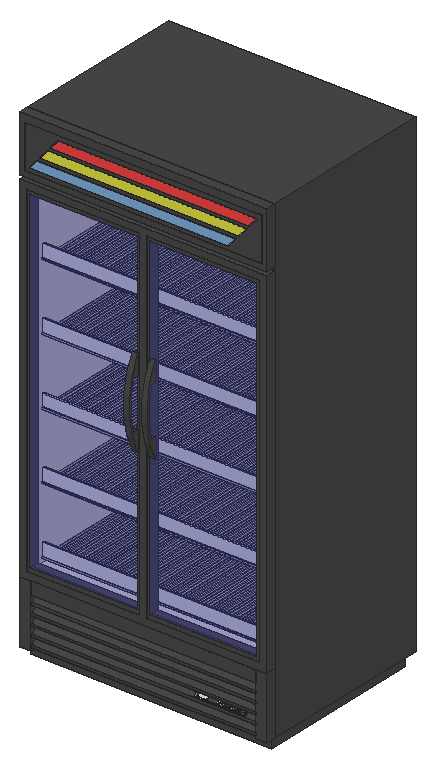
Revit family "QF_TRUE_GDM-35-HC~TSL01", category Specialty Equipment, Revit 2016
Family settings
  Part Type = Normal
  Round Connector Dimension = Use Diameter
  Work Plane-Based = No
  Always vertical = Yes
  Cut with Voids When Loaded = No
  Shared = No
  Room Calculation Point = No
Parameters
  Weight in Pounds = 370
  Watts = if(Phase = 3, Volts * FL Amps * 1.73, Volts * FL Amps)  # 747.5 W
  Volts = 115 V
  URL Cutsheet = ""
  Specification by User = ""
  Specification by Manufacturer = ""
  Show Logo [instance] = yes
  Show Default Legs [instance] = if(or(Show 6 Inches Standard Legs, Show 2.5 Inches Castors), or(Show 4 Inches Castors, and(Show 6 Inches Standard Legs, Show 2.5 Inches Castors), and(Show 2.5 Inches Castors, Show 6 Inches Seismic Flanged Legs)), if(Show 4 Inches Castors, Show 6 Inches Seismic Flanged Legs, not(Show 6 Inches Seismic Flanged Legs)))  # yes
  Show Clearance [instance] = yes
  Show 6 Inches Standard Legs [instance] = no
  Show 6 Inches Seismic Flanged Legs [instance] = no
  Show 4 Inches Castors [instance] = no
  Show 2.5 Inches Castors [instance] = no
  Serial Number = ""
  Seismic Rating = ""
  SMACNA No = ""
  Revision Code = ""
  Phase = 1
  Number of Poles = 1
  NAFEM Spec ID Number = ""
  Model = "GDM-35-HC~TSL01"
  Min Ckt Ampacity = 0 A
  Max Overcurrent Protection = 0 A
  Materials and Finishes = QF_Plastic - Black - Smooth
  Masterspec = ""
  Manufacturer = "TRUE"
  Length = 39 1/2"
  Keynote = ""
  Item Number = ""
  Installed By = ""
  Identify Quantity as Lot = yes
  Height [instance] = Body Height + Base Height  # 78 5/8"
  HP = "1/2"
  Furnished By = ""
  Foodservice Equipment Identifier = yes
  FL Amps = 6.5 A
  Electrical Remarks = ""
  Electric Connection Type = ""
  Elec Conn RI Height = 0"
  Elec Conn Connection Height = 0"
  Description = "SWING DOOR REFRIGERATOR WITH HYDROCARBON REFRIGERANT~TRUE STANDARD LOOK VERSION 01"
  Depth = 29 7/8"
  Cycle = 60 Hz
  Conn Plug = "NEMA 5-15P"
  Conn Conduit = yes
  CSI MasterFormat = ""
  Body Height [instance] = 78 5/16"  # constant formula
  Base Height [instance] = if(Show Default Legs, 5/16", if(Show 2.5 Inches Castors, 2 1/2", if(Show 6 Inches Standard Legs, 6", if(Show 4 Inches Castors, 4", if(Show 6 Inches Seismic Flanged Legs, 6", 5" / 16)))))  # 5/16"
  Apparent Power = if(Phase = 3, Volts * FL Amps * 1.73, Volts * FL Amps)  # 747.5 VA
  6 Inches Standard Legs [instance] = and(Show 6 Inches Standard Legs, not(Show Default Legs))  # no
  6 Inches Seismic Flanged Legs [instance] = and(Show 6 Inches Seismic Flanged Legs, not(Show Default Legs))  # no
  4 Inches Castors [instance] = and(Show 4 Inches Castors, not(Show Default Legs))  # no
  2.5 Inches Casters [instance] = and(Show 2.5 Inches Castors, not(Show Default Legs))  # no
Reference planes (in)
  plane 1 "BACK": y = 0
  plane 2: z = 0
  plane 3 "LEFT": x = 0
  plane 4 "RIGHT": x = 39.5
  plane 5 "FRONT": y = -29.875
  plane 6 "TOP": z = 0.3125
  plane 7 "Center Y": x = 19.75
  plane 8 "Center X": y = -14.9375
  plane 9: z = 78.625
Dimensions and locks (in)
  equal spacing: plane 3 "LEFT", plane 7 "Center Y", plane 4 "RIGHT"
  "Length": plane 3 "LEFT" to plane 4 "RIGHT"
  equal spacing: plane 5 "FRONT", plane 8 "Center X", plane 1 "BACK"
  "Depth": plane 5 "FRONT" to plane 1 "BACK"
  "Base Height": plane 6 "TOP" to level
  "Body Height": plane 9 to plane 6 "TOP"
  aligned and locked: plane 2 to level
  aligned and locked: plane 6 "TOP" to nested 1
Nested families (in)
  nested 1: "GDM-35-HC~TSL01" at (0, 0, 0), Show Clearance <- "Show Clearance", Materials and Finishes <- "Materials and Finishes", Show Logo <- "Show Logo", Show Default Legs <- "Show Default Legs", type "GDM-35-HC~TSL01"
    with Show Logo yes, Show Default Legs yes, Show Clearance yes, Materials and Finishes QF_Plastic - Black - Smooth
  nested 2: "CASTER-LEGS" at (2.33488, -3.3125, 0), Show Siesmic Flanged <- "Show 6 Inches Seismic Flanged Legs", Show 6 Inches Legs <- "Show 6 Inches Standard Legs", Show 4" Casters <- "Show 4 Inches Castors", Show 2.5 Casters <- "Show 2.5 Inches Castors", type "CASTER-LEGS"
    with Type Mark "", Status "", Specification by User "", Show Siesmic Flanged no, Show 6 Inches Legs no, Show 4" Casters no, Show 2.5 Casters no, Revision Code "", Low Profile yes, Item Number "", Installed By "", Identify Quantity as Lot yes, Furnished By "", Foodservice Equipment Identifier yes
  nested 3: "CASTER-LEGS" at (37.18162, -3.3125, 0), Show Siesmic Flanged <- "Show 6 Inches Seismic Flanged Legs", Show 6 Inches Legs <- "Show 6 Inches Standard Legs", Show 4" Casters <- "Show 4 Inches Castors", Show 2.5 Casters <- "Show 2.5 Inches Castors", type "CASTER-LEGS"
    with Type Mark "", Status "", Specification by User "", Show Siesmic Flanged no, Show 6 Inches Legs no, Show 4" Casters no, Show 2.5 Casters no, Revision Code "", Low Profile yes, Item Number "", Installed By "", Identify Quantity as Lot yes, Furnished By "", Foodservice Equipment Identifier yes
  nested 4: "CASTER-LEGS" at (2.33488, -26.375, 0), Show Siesmic Flanged <- "Show 6 Inches Seismic Flanged Legs", Show 6 Inches Legs <- "Show 6 Inches Standard Legs", Show 4" Casters <- "Show 4 Inches Castors", Show 2.5 Casters <- "Show 2.5 Inches Castors", type "CASTER-LEGS"
    with Type Mark "", Status "", Specification by User "", Show Siesmic Flanged no, Show 6 Inches Legs no, Show 4" Casters no, Show 2.5 Casters no, Revision Code "", Low Profile yes, Item Number "", Installed By "", Identify Quantity as Lot yes, Furnished By "", Foodservice Equipment Identifier yes
  nested 5: "CASTER-LEGS" at (37.18162, -26.375, 0), Show Siesmic Flanged <- "Show 6 Inches Seismic Flanged Legs", Show 6 Inches Legs <- "Show 6 Inches Standard Legs", Show 4" Casters <- "Show 4 Inches Castors", Show 2.5 Casters <- "Show 2.5 Inches Castors", type "CASTER-LEGS"
    with Type Mark "", Status "", Specification by User "", Show Siesmic Flanged no, Show 6 Inches Legs no, Show 4" Casters no, Show 2.5 Casters no, Revision Code "", Low Profile yes, Item Number "", Installed By "", Identify Quantity as Lot yes, Furnished By "", Foodservice Equipment Identifier yes
Connectors (in)
  electrical at (19.75, 0.32603, 5.97202), driven by "Volts", driven by "Watts"
    settings: on nested 1, index 1, voltage 115 V, apparent load 747.5 VA, apparent load phase1 0 VA, apparent load phase2 0 VA, apparent load phase3 0 VA, power factor 1, load classification "Other", number of poles 1, system type 30, power factor state 1, is connector primary yes, connector utility no, sub classification motor no, connector description "ELECTRICAL CONNECTION"
Definition of nested family "GDM-35-HC~TSL01"
  Parameters (values of type "GDM-35-HC~TSL01")
    Weight in Pounds = 0
    Watts = if(Phase = 3, Volts * FL Amps * 1.73, Volts * FL Amps)  # 230 W
    Volts = 115 V
    URL Cutsheet = ""
    Specification by User = ""
    Specification by Manufacturer = ""
    Show Logo [instance] = yes
    Show Default Legs [instance] = yes
    Show Clearance [instance] = yes
    Serial Number = ""
    Seismic Rating = ""
    SMACNA No = ""
    Revision Code = ""
    Phase = 1
    Number of Poles = 1
    NAFEM Spec ID Number = ""
    Model = ""
    Min Ckt Ampacity = 0 A
    Max Overcurrent Protection = 0 A
    Materials and Finishes [instance] = none
    Masterspec = ""
    Manufacturer = ""
    Length = 39 1/2"
    Item Number = ""
    Installed By = ""
    Identify Quantity as Lot = yes
    Height = 78 5/8"
    HP = "1/4"
    Furnished By = ""
    Foodservice Equipment Identifier = yes
    FL Amps = 2 A
    Electrical Remarks = ""
    Electric Connection Type = ""
    Elec Conn RI Height = 0"
    Elec Conn Connection Height = 0"
    Description = ""
    Depth = 29 7/8"
    Cycle = 60 Hz
    Conn Plug = "5-15P"
    Conn Conduit = yes
    CSI MasterFormat = ""
    Apparent Power = if(Phase = 3, Volts * FL Amps * 1.73, Volts * FL Amps)  # 230 VA
  Reference planes (in)
    plane 1 "BACK": y = 0
    plane 2: z = 0
    plane 3 "LEFT": x = 0
    plane 4 "RIGHT": x = 39.5
    plane 5 "FRONT": y = -29.875
    plane 6 "TOP": z = 78.625
    plane 7 "Center Y": x = 19.75
    plane 8 "Center X": y = -14.9375
    plane 9: z = 0.3125
    plane 10: y = -31.5
    plane 11: y = -47.5
  Forms (in)
    Extrusion 1, solid, material <- "Materials and Finishes"
      sketch origin (0, 1.625, 0) x (1, 0, 0) y (0, 0, 1)
        loop
          line (0, 78.625) -> (0, 1.91181) -> (39.5, 1.91181) -> (39.5, 78.625) -> (0, 78.625)
        loop
          line (1.08719, 69.5094) -> (1.08719, 12.99299) -> (38.41281, 12.99299) -> (38.41281, 69.5094) -> (1.08719, 69.5094)
      from 1.625 to 29.875
    Extrusion 2, solid, material <- "Materials and Finishes"
      sketch origin (0, -28.25, 0) x (1, 0, 0) y (0, 0, 1)
        loop
          line (0, 78.625) -> (0, 69.5094) -> (39.5, 69.5094) -> (39.5, 78.625) -> (0, 78.625)
        loop
          line (0.73362, 77.46399) -> (0.73362, 70.46399) -> (38.76638, 70.46399) -> (38.76638, 77.46399) -> (0.73362, 77.46399)
      from 1.625 to 0
    Extrusion 3, solid
      sketch origin (0, -28.25, 0) x (1, 0, 0) y (0, 0, 1)
        loop
          line (4.86851, 75.12294) -> (36.72924, 75.12294) -> (37.98789, 76.62294) -> (6.12716, 76.62294) -> (4.86851, 75.12294)
      from 1.625 to 0
    Extrusion 4, solid, material <- "Materials and Finishes"
      sketch origin (0, -28.25, 0) x (1, 0, 0) y (0, 0, 1)
        loop
          line (0.73362, 77.46399) -> (0.73362, 70.46399) -> (38.76638, 70.46399) -> (38.76638, 77.46399) -> (0.73362, 77.46399)
        loop
          line (4.86851, 75.12294) -> (36.72924, 75.12294) -> (37.98789, 76.62294) -> (6.12716, 76.62294) -> (4.86851, 75.12294)
        loop
          line (3.19031, 73.12294) -> (35.05104, 73.12294) -> (36.30969, 74.62294) -> (4.44896, 74.62294) -> (3.19031, 73.12294)
        loop
          line (1.51211, 71.12294) -> (33.37284, 71.12294) -> (34.63149, 72.62294) -> (2.77076, 72.62294) -> (1.51211, 71.12294)
      from 1.625 to 0
    Extrusion 5, solid
      sketch origin (0, -28.25, 0) x (1, 0, 0) y (0, 0, 1)
        loop
          line (3.19031, 73.12294) -> (35.05104, 73.12294) -> (36.30969, 74.62294) -> (4.44896, 74.62294) -> (3.19031, 73.12294)
      from 1.625 to 0
    Extrusion 6, solid
      sketch origin (0, -28.25, 0) x (1, 0, 0) y (0, 0, 1)
        loop
          line (1.51211, 71.12294) -> (33.37284, 71.12294) -> (34.63149, 72.62294) -> (2.77076, 72.62294) -> (1.51211, 71.12294)
      from 1.625 to 0
    Extrusion 7, solid, material <- "Materials and Finishes"
      sketch origin (0, -28.25, 0) x (1, 0, 0) y (0, 0, 1)
        loop
          line (0, 11.86572) -> (0, 1.91181) -> (1.73646, 1.91181) -> (1.73646, 11.86572) -> (0, 11.86572)
        loop
          line (39.5, 11.86572) -> (37.76354, 11.86572) -> (37.76354, 1.91181) -> (39.5, 1.91181) -> (39.5, 11.86572)
      from 0 to 1.625
    Extrusion 8, solid, material <- "Materials and Finishes"
      sketch origin (0, -28.25, 0) x (1, 0, 0) y (0, 0, 1)
        loop
          line (1.73646, 11.86572) -> (1.73646, 9.96741) -> (37.76354, 9.96741) -> (37.76354, 11.86572) -> (1.73646, 11.86572)
      from 0 to 1.625
    Extrusion 9, solid, material <- "Materials and Finishes"
      sketch origin (0, -28.25, 0) x (1, 0, 0) y (0, 0, 1)
        loop
          line (0, 11.86572) -> (39.5, 11.86572) -> (39.5, 69.0094) -> (0, 69.0094) -> (0, 11.86572)
        loop
          line (38.41281, 12.99299) -> (38.41281, 68.01433) -> (20.29297, 68.01433) -> (20.29297, 12.99299) -> (38.41281, 12.99299)
        loop
          line (1.08719, 12.99299) -> (19.20703, 12.99299) -> (19.20703, 68.01433) -> (1.08719, 68.01433) -> (1.08719, 12.99299)
      from 1.625 to 0
    Extrusion 10, solid, material <- "Materials and Finishes"
      sketch origin (0, -28.25, 0) x (1, 0, 0) y (0, 0, 1)
        loop
          line (19.20703, 12.99299) -> (19.20703, 68.01433) -> (1.08719, 68.01433) -> (1.08719, 12.99299) -> (19.20703, 12.99299)
        loop
          line (1.56873, 67.3112) -> (1.56873, 13.69484) -> (18.72549, 13.69484) -> (18.72549, 67.3112) -> (1.56873, 67.3112)
        loop
          line (20.29297, 12.99299) -> (38.41281, 12.99299) -> (38.41281, 68.01433) -> (20.29297, 68.01433) -> (20.29297, 12.99299)
        loop
          line (37.93127, 67.3112) -> (20.77451, 67.3112) -> (20.77451, 13.69484) -> (37.93127, 13.69484) -> (37.93127, 67.3112)
      from 1.50681 to 0
    Extrusion 11, solid
      sketch origin (0, -29.75681, 0) x (1, 0, 0) y (0, 0, 1)
        loop
          line (1.56873, 67.3112) -> (1.56873, 13.69484) -> (18.72549, 13.69484) -> (18.72549, 67.3112) -> (1.56873, 67.3112)
        loop
          line (37.93127, 13.69484) -> (37.93127, 67.3112) -> (20.77451, 67.3112) -> (20.77451, 13.69484) -> (37.93127, 13.69484)
      from -0.25 to 0
    Extrusion 12, solid, material <- "Materials and Finishes"
      sketch origin (0, 0, 0) x (-1, 0, 0) y (0, 0, 1)
        loop
          line (-38.41281, 12.99299) -> (-1.08719, 12.99299) -> (-1.08719, 69.5094) -> (-38.41281, 69.5094) -> (-38.41281, 12.99299)
      from 0 to -0.25
    Extrusion 13, solid, material <- "Materials and Finishes"
      sketch origin (1.73646, -28.25, 11.86572) x (0, 0, -1) y (0, 1, 0)
        loop
          line (2.03924, 0) -> (3.05961, -1.51276)
          arc (3.05961, -1.51276) -> (3.40667, -1.58022) -> (3.47413, -1.23317) r 0.25
          line (3.47413, -1.23317) -> (2.64235, 0) -> (2.03924, 0)
        loop
          line (3.54027, 0) -> (4.56426, -1.51813)
          arc (4.56426, -1.51813) -> (4.91132, -1.58559) -> (4.97878, -1.23854) r 0.25
          line (4.97878, -1.23854) -> (4.14338, 0) -> (3.54027, 0)
        loop
          line (5.05723, 0) -> (6.07842, -1.51398)
          arc (6.07842, -1.51398) -> (6.42548, -1.58144) -> (6.49294, -1.23438) r 0.25
          line (6.49294, -1.23438) -> (5.66034, 0) -> (5.05723, 0)
        loop
          line (6.57419, 0) -> (7.59202, -1.50899)
          arc (7.59202, -1.50899) -> (7.93908, -1.57645) -> (8.00654, -1.2294) r 0.25
          line (8.00654, -1.2294) -> (7.1773, 0) -> (6.57419, 0)
        loop
          line (8.09115, 0) -> (9.11201, -1.51349)
          arc (9.11201, -1.51349) -> (9.45907, -1.58095) -> (9.52653, -1.23389) r 0.25
          line (9.52653, -1.23389) -> (8.69426, 0) -> (8.09115, 0)
      from 0 to 36.02708
    Extrusion 14, solid, material <- "Materials and Finishes"
      sketch origin (0, 1.625, 0) x (1, 0, 0) y (0, 0, 1)
        loop
          line (0.39673, 0.3125) -> (39.10327, 0.3125) -> (39.10327, 1.91181) -> (0.39673, 1.91181) -> (0.39673, 0.3125)
      from 3.25 to 29.875
    Revolve 15, solid, visible <- "Show Default Legs"
      sketch origin (0, -26.375, 0) x (1, 0, 0) y (0, 0, 1)
        loop
          line (1.38444, 0) -> (2.32663, 0) -> (2.32663, 0.3125) -> (1.38444, 0.3125) -> (1.38444, 0)
        axis (2.32663, 0) -> (2.32663, 0.3125)
      angle from 0 to 360
    Revolve 16, solid, visible <- "Show Default Legs"
      sketch origin (0, -3.3125, 0) x (1, 0, 0) y (0, 0, -1)
        loop
          line (1.38444, 0) -> (1.38444, -0.3125) -> (2.32663, -0.3125) -> (2.32663, 0) -> (1.38444, 0)
        axis (2.32663, 0) -> (2.32663, -0.3125)
      angle from 0 to 360
    Extrusion 17, solid, material <- "Materials and Finishes"
      sketch origin (-3.33055, -9.07209, 2.26089) x (0, 1, 0) y (0, 0, 1)
        loop
          arc (-20.70916, 48.37123) -> (-22.42791, 41.18624) -> (-20.70916, 34.00125) r 15.87728
          line (-20.70916, 34.00125) -> (-20.70916, 37.28351) -> (-21.42204, 37.28351)
          arc (-21.42204, 37.28351) -> (-21.59429, 37.34185) -> (-21.69564, 37.49287) r 0.28347
          arc (-21.69564, 37.49287) -> (-22.19319, 41.21217) -> (-21.70658, 44.93293) r 14.30744
          arc (-21.70658, 44.93293) -> (-21.63141, 45.04547) -> (-21.50325, 45.08898) r 0.21048
          line (-21.50325, 45.08898) -> (-20.70916, 45.08898) -> (-20.70916, 48.37123)
      from 21.28857 to 22.16773
    Extrusion 18, solid, material <- "Materials and Finishes"
      sketch origin (42.95555, -9.07209, 2.26089) x (0, 1, 0) y (0, 0, -1)
        loop
          line (-20.70916, -48.37123) -> (-20.70916, -45.08898) -> (-21.50325, -45.08898)
          arc (-21.50325, -45.08898) -> (-21.63141, -45.04547) -> (-21.70658, -44.93293) r 0.21048
          arc (-21.70658, -44.93293) -> (-22.19319, -41.21217) -> (-21.69564, -37.49287) r 14.30744
          arc (-21.69564, -37.49287) -> (-21.59429, -37.34185) -> (-21.42204, -37.28351) r 0.28347
          line (-21.42204, -37.28351) -> (-20.70916, -37.28351) -> (-20.70916, -34.00125)
          arc (-20.70916, -34.00125) -> (-22.42791, -41.18624) -> (-20.70916, -48.37123) r 15.87728
      from 21.28857 to 22.16773
    Extrusion 19, solid, material <- "Materials and Finishes"
      sketch origin (0, 0, 0) x (-1, 0, 0) y (0, 0, 1)
        loop
          circle (-19.75, 5.97202) r 0.5
      from 0 to 0.32603
    Revolve 20, solid, visible <- "Show Default Legs"
      sketch origin (39.62762, -26.375, 0) x (-1, 0, 0) y (0, 0, 1)
        loop
          line (1.38444, 0) -> (2.32663, 0) -> (2.32663, 0.3125) -> (1.38444, 0.3125) -> (1.38444, 0)
        axis (2.32663, 0) -> (2.32663, 0.3125)
      angle from 0 to 360
    Revolve 21, solid, visible <- "Show Default Legs"
      sketch origin (39.62762, -3.3125, 0) x (-1, 0, 0) y (0, 0, 1)
        loop
          line (1.38444, 0) -> (2.32663, 0) -> (2.32663, 0.3125) -> (1.38444, 0.3125) -> (1.38444, 0)
        axis (2.32663, 0) -> (2.32663, 0.3125)
      angle from 0 to 360
    Extrusion 22, solid, visible <- "Show Clearance", detail levels coarse
      sketch origin (0, 0, 0) x (1, 0, 0) y (0, 1, 0)
        loop
          line (0, -29.875) -> (0, -47.5)
          arc (0, -47.5) -> (13.25523, -42.667) -> (19.20703, -29.875) r 18.42778
          line (19.20703, -29.875) -> (0, -29.875)
        loop
          line (39.5, -29.875) -> (20.29297, -29.875)
          arc (20.29297, -29.875) -> (26.24477, -42.667) -> (39.5, -47.5) r 18.42778
          line (39.5, -47.5) -> (39.5, -29.875)
      from 11.86572 to 69.0094
    Extrusion 23, solid
      sketch origin (-7.62016, -176.1875, 13.75) x (-1, 0, 0) y (0, -1, 0)
        loop
          line (-8.70735, -149.1875) -> (-46.03297, -149.1875) -> (-46.03297, -173.375) -> (-8.70735, -173.375) -> (-8.70735, -149.1875)
        loop
          line (-8.95735, -149.4375) -> (-45.78297, -149.4375) -> (-45.78297, -173.125) -> (-8.95735, -173.125) -> (-8.95735, -149.4375)
      from 0 to 0.25
    Extrusion 24, solid
      sketch origin (-0.69406, -7.25, -9.1153) x (0, 1, 0) y (0, 0, 1)
        loop
          line (-19.60938, 23.1153) -> (-19.35938, 23.1153) -> (-19.35938, 25.1153) -> (-19.60938, 25.1153) -> (-19.60938, 23.1153)
      from 1.78125 to 39.10687
    Extrusion 25, solid
      sketch origin (-0.66281, -4.875, -12.73438) x (1, 0, 0) y (0, 0, 1)
        loop
          circle (10.1875, 26.73438) r 0.125
        loop
          circle (9.6875, 26.73438) r 0.125
        loop
          circle (9.1875, 26.73438) r 0.125
        loop
          circle (8.6875, 26.73438) r 0.125
        loop
          circle (8.1875, 26.73438) r 0.125
        loop
          circle (7.6875, 26.73438) r 0.125
        loop
          circle (7.1875, 26.73438) r 0.125
        loop
          circle (6.6875, 26.73438) r 0.125
        loop
          circle (6.1875, 26.73438) r 0.125
        loop
          circle (5.6875, 26.73438) r 0.125
        loop
          circle (5.1875, 26.73438) r 0.125
        loop
          circle (4.6875, 26.73438) r 0.125
        loop
          circle (4.1875, 26.73438) r 0.125
        loop
          circle (3.6875, 26.73438) r 0.125
        loop
          circle (3.1875, 26.73438) r 0.125
        loop
          circle (2.6875, 26.73438) r 0.125
        loop
          circle (10.6875, 26.73438) r 0.125
        loop
          circle (11.1875, 26.73438) r 0.125
        loop
          circle (11.6875, 26.73438) r 0.125
        loop
          circle (12.1875, 26.73438) r 0.125
        loop
          circle (12.6875, 26.73438) r 0.125
        loop
          circle (13.1875, 26.73438) r 0.125
        loop
          circle (13.6875, 26.73438) r 0.125
        loop
          circle (14.1875, 26.73438) r 0.125
        loop
          circle (14.6875, 26.73438) r 0.125
        loop
          circle (15.1875, 26.73438) r 0.125
        loop
          circle (15.6875, 26.73438) r 0.125
        loop
          circle (16.1875, 26.73438) r 0.125
        loop
          circle (16.6875, 26.73438) r 0.125
        loop
          circle (17.1875, 26.73438) r 0.125
        loop
          circle (17.6875, 26.73438) r 0.125
        loop
          circle (18.1875, 26.73438) r 0.125
        loop
          circle (26.1875, 26.73438) r 0.125
        loop
          circle (25.6875, 26.73438) r 0.125
        loop
          circle (25.1875, 26.73438) r 0.125
        loop
          circle (24.6875, 26.73438) r 0.125
        loop
          circle (24.1875, 26.73438) r 0.125
        loop
          circle (23.6875, 26.73438) r 0.125
        loop
          circle (23.1875, 26.73438) r 0.125
        loop
          circle (22.6875, 26.73438) r 0.125
        loop
          circle (22.1875, 26.73438) r 0.125
        loop
          circle (21.6875, 26.73438) r 0.125
        loop
          circle (21.1875, 26.73438) r 0.125
        loop
          circle (20.6875, 26.73438) r 0.125
        loop
          circle (20.1875, 26.73438) r 0.125
        loop
          circle (19.6875, 26.73438) r 0.125
        loop
          circle (19.1875, 26.73438) r 0.125
        loop
          circle (18.6875, 26.73438) r 0.125
        loop
          circle (26.6875, 26.73438) r 0.125
        loop
          circle (27.1875, 26.73438) r 0.125
        loop
          circle (27.6875, 26.73438) r 0.125
        loop
          circle (28.1875, 26.73438) r 0.125
        loop
          circle (28.6875, 26.73438) r 0.125
        loop
          circle (29.1875, 26.73438) r 0.125
        loop
          circle (29.6875, 26.73438) r 0.125
        loop
          circle (30.1875, 26.73438) r 0.125
        loop
          circle (30.6875, 26.73438) r 0.125
        loop
          circle (31.1875, 26.73438) r 0.125
        loop
          circle (31.6875, 26.73438) r 0.125
        loop
          circle (32.1875, 26.73438) r 0.125
        loop
          circle (32.6875, 26.73438) r 0.125
        loop
          circle (33.1875, 26.73438) r 0.125
        loop
          circle (33.6875, 26.73438) r 0.125
        loop
          circle (34.1875, 26.73438) r 0.125
        loop
          circle (38.1875, 26.73438) r 0.125
        loop
          circle (37.6875, 26.73438) r 0.125
        loop
          circle (37.1875, 26.73438) r 0.125
        loop
          circle (36.6875, 26.73438) r 0.125
        loop
          circle (36.1875, 26.73438) r 0.125
        loop
          circle (35.6875, 26.73438) r 0.125
        loop
          circle (35.1875, 26.73438) r 0.125
        loop
          circle (34.6875, 26.73438) r 0.125
      from -2.0625 to 21.875
    Extrusion 26, solid
      sketch origin (-7.62016, -176.1875, 24.4625) x (-1, 0, 0) y (0, -1, 0)
        loop
          line (-8.70735, -149.1875) -> (-46.03297, -149.1875) -> (-46.03297, -173.375) -> (-8.70735, -173.375) -> (-8.70735, -149.1875)
        loop
          line (-8.95735, -149.4375) -> (-45.78297, -149.4375) -> (-45.78297, -173.125) -> (-8.95735, -173.125) -> (-8.95735, -149.4375)
      from 0 to 0.25
    Extrusion 27, solid
      sketch origin (-0.69406, -7.25, 1.5972) x (0, 1, 0) y (0, 0, 1)
        loop
          line (-19.60938, 23.1153) -> (-19.35938, 23.1153) -> (-19.35938, 25.1153) -> (-19.60938, 25.1153) -> (-19.60938, 23.1153)
      from 1.78125 to 39.10687
    Extrusion 28, solid
      sketch origin (-0.66281, -4.875, -2.02188) x (1, 0, 0) y (0, 0, 1)
        loop
          circle (10.1875, 26.73438) r 0.125
        loop
          circle (9.6875, 26.73438) r 0.125
        loop
          circle (9.1875, 26.73438) r 0.125
        loop
          circle (8.6875, 26.73438) r 0.125
        loop
          circle (8.1875, 26.73438) r 0.125
        loop
          circle (7.6875, 26.73438) r 0.125
        loop
          circle (7.1875, 26.73438) r 0.125
        loop
          circle (6.6875, 26.73438) r 0.125
        loop
          circle (6.1875, 26.73438) r 0.125
        loop
          circle (5.6875, 26.73438) r 0.125
        loop
          circle (5.1875, 26.73438) r 0.125
        loop
          circle (4.6875, 26.73438) r 0.125
        loop
          circle (4.1875, 26.73438) r 0.125
        loop
          circle (3.6875, 26.73438) r 0.125
        loop
          circle (3.1875, 26.73438) r 0.125
        loop
          circle (2.6875, 26.73438) r 0.125
        loop
          circle (10.6875, 26.73438) r 0.125
        loop
          circle (11.1875, 26.73438) r 0.125
        loop
          circle (11.6875, 26.73438) r 0.125
        loop
          circle (12.1875, 26.73438) r 0.125
        loop
          circle (12.6875, 26.73438) r 0.125
        loop
          circle (13.1875, 26.73438) r 0.125
        loop
          circle (13.6875, 26.73438) r 0.125
        loop
          circle (14.1875, 26.73438) r 0.125
        loop
          circle (14.6875, 26.73438) r 0.125
        loop
          circle (15.1875, 26.73438) r 0.125
        loop
          circle (15.6875, 26.73438) r 0.125
        loop
          circle (16.1875, 26.73438) r 0.125
        loop
          circle (16.6875, 26.73438) r 0.125
        loop
          circle (17.1875, 26.73438) r 0.125
        loop
          circle (17.6875, 26.73438) r 0.125
        loop
          circle (18.1875, 26.73438) r 0.125
        loop
          circle (26.1875, 26.73438) r 0.125
        loop
          circle (25.6875, 26.73438) r 0.125
        loop
          circle (25.1875, 26.73438) r 0.125
        loop
          circle (24.6875, 26.73438) r 0.125
        loop
          circle (24.1875, 26.73438) r 0.125
        loop
          circle (23.6875, 26.73438) r 0.125
        loop
          circle (23.1875, 26.73438) r 0.125
        loop
          circle (22.6875, 26.73438) r 0.125
        loop
          circle (22.1875, 26.73438) r 0.125
        loop
          circle (21.6875, 26.73438) r 0.125
        loop
          circle (21.1875, 26.73438) r 0.125
        loop
          circle (20.6875, 26.73438) r 0.125
        loop
          circle (20.1875, 26.73438) r 0.125
        loop
          circle (19.6875, 26.73438) r 0.125
        loop
          circle (19.1875, 26.73438) r 0.125
        loop
          circle (18.6875, 26.73438) r 0.125
        loop
          circle (26.6875, 26.73438) r 0.125
        loop
          circle (27.1875, 26.73438) r 0.125
        loop
          circle (27.6875, 26.73438) r 0.125
        loop
          circle (28.1875, 26.73438) r 0.125
        loop
          circle (28.6875, 26.73438) r 0.125
        loop
          circle (29.1875, 26.73438) r 0.125
        loop
          circle (29.6875, 26.73438) r 0.125
        loop
          circle (30.1875, 26.73438) r 0.125
        loop
          circle (30.6875, 26.73438) r 0.125
        loop
          circle (31.1875, 26.73438) r 0.125
        loop
          circle (31.6875, 26.73438) r 0.125
        loop
          circle (32.1875, 26.73438) r 0.125
        loop
          circle (32.6875, 26.73438) r 0.125
        loop
          circle (33.1875, 26.73438) r 0.125
        loop
          circle (33.6875, 26.73438) r 0.125
        loop
          circle (34.1875, 26.73438) r 0.125
        loop
          circle (38.1875, 26.73438) r 0.125
        loop
          circle (37.6875, 26.73438) r 0.125
        loop
          circle (37.1875, 26.73438) r 0.125
        loop
          circle (36.6875, 26.73438) r 0.125
        loop
          circle (36.1875, 26.73438) r 0.125
        loop
          circle (35.6875, 26.73438) r 0.125
        loop
          circle (35.1875, 26.73438) r 0.125
        loop
          circle (34.6875, 26.73438) r 0.125
      from -2.0625 to 21.875
    Extrusion 29, solid
      sketch origin (-7.62016, -176.1875, 35.175) x (-1, 0, 0) y (0, -1, 0)
        loop
          line (-8.70735, -149.1875) -> (-46.03297, -149.1875) -> (-46.03297, -173.375) -> (-8.70735, -173.375) -> (-8.70735, -149.1875)
        loop
          line (-8.95735, -149.4375) -> (-45.78297, -149.4375) -> (-45.78297, -173.125) -> (-8.95735, -173.125) -> (-8.95735, -149.4375)
      from 0 to 0.25
    Extrusion 30, solid
      sketch origin (-0.69406, -7.25, 12.3097) x (0, 1, 0) y (0, 0, 1)
        loop
          line (-19.60938, 23.1153) -> (-19.35938, 23.1153) -> (-19.35938, 25.1153) -> (-19.60938, 25.1153) -> (-19.60938, 23.1153)
      from 1.78125 to 39.10687
    Extrusion 31, solid
      sketch origin (-0.66281, -4.875, 8.69062) x (1, 0, 0) y (0, 0, 1)
        loop
          circle (10.1875, 26.73438) r 0.125
        loop
          circle (9.6875, 26.73438) r 0.125
        loop
          circle (9.1875, 26.73438) r 0.125
        loop
          circle (8.6875, 26.73438) r 0.125
        loop
          circle (8.1875, 26.73438) r 0.125
        loop
          circle (7.6875, 26.73438) r 0.125
        loop
          circle (7.1875, 26.73438) r 0.125
        loop
          circle (6.6875, 26.73438) r 0.125
        loop
          circle (6.1875, 26.73438) r 0.125
        loop
          circle (5.6875, 26.73438) r 0.125
        loop
          circle (5.1875, 26.73438) r 0.125
        loop
          circle (4.6875, 26.73438) r 0.125
        loop
          circle (4.1875, 26.73438) r 0.125
        loop
          circle (3.6875, 26.73438) r 0.125
        loop
          circle (3.1875, 26.73438) r 0.125
        loop
          circle (2.6875, 26.73438) r 0.125
        loop
          circle (10.6875, 26.73438) r 0.125
        loop
          circle (11.1875, 26.73438) r 0.125
        loop
          circle (11.6875, 26.73438) r 0.125
        loop
          circle (12.1875, 26.73438) r 0.125
        loop
          circle (12.6875, 26.73438) r 0.125
        loop
          circle (13.1875, 26.73438) r 0.125
        loop
          circle (13.6875, 26.73438) r 0.125
        loop
          circle (14.1875, 26.73438) r 0.125
        loop
          circle (14.6875, 26.73438) r 0.125
        loop
          circle (15.1875, 26.73438) r 0.125
        loop
          circle (15.6875, 26.73438) r 0.125
        loop
          circle (16.1875, 26.73438) r 0.125
        loop
          circle (16.6875, 26.73438) r 0.125
        loop
          circle (17.1875, 26.73438) r 0.125
        loop
          circle (17.6875, 26.73438) r 0.125
        loop
          circle (18.1875, 26.73438) r 0.125
        loop
          circle (26.1875, 26.73438) r 0.125
        loop
          circle (25.6875, 26.73438) r 0.125
        loop
          circle (25.1875, 26.73438) r 0.125
        loop
          circle (24.6875, 26.73438) r 0.125
        loop
          circle (24.1875, 26.73438) r 0.125
        loop
          circle (23.6875, 26.73438) r 0.125
        loop
          circle (23.1875, 26.73438) r 0.125
        loop
          circle (22.6875, 26.73438) r 0.125
        loop
          circle (22.1875, 26.73438) r 0.125
        loop
          circle (21.6875, 26.73438) r 0.125
        loop
          circle (21.1875, 26.73438) r 0.125
        loop
          circle (20.6875, 26.73438) r 0.125
        loop
          circle (20.1875, 26.73438) r 0.125
        loop
          circle (19.6875, 26.73438) r 0.125
        loop
          circle (19.1875, 26.73438) r 0.125
        loop
          circle (18.6875, 26.73438) r 0.125
        loop
          circle (26.6875, 26.73438) r 0.125
        loop
          circle (27.1875, 26.73438) r 0.125
        loop
          circle (27.6875, 26.73438) r 0.125
        loop
          circle (28.1875, 26.73438) r 0.125
        loop
          circle (28.6875, 26.73438) r 0.125
        loop
          circle (29.1875, 26.73438) r 0.125
        loop
          circle (29.6875, 26.73438) r 0.125
        loop
          circle (30.1875, 26.73438) r 0.125
        loop
          circle (30.6875, 26.73438) r 0.125
        loop
          circle (31.1875, 26.73438) r 0.125
        loop
          circle (31.6875, 26.73438) r 0.125
        loop
          circle (32.1875, 26.73438) r 0.125
        loop
          circle (32.6875, 26.73438) r 0.125
        loop
          circle (33.1875, 26.73438) r 0.125
        loop
          circle (33.6875, 26.73438) r 0.125
        loop
          circle (34.1875, 26.73438) r 0.125
        loop
          circle (38.1875, 26.73438) r 0.125
        loop
          circle (37.6875, 26.73438) r 0.125
        loop
          circle (37.1875, 26.73438) r 0.125
        loop
          circle (36.6875, 26.73438) r 0.125
        loop
          circle (36.1875, 26.73438) r 0.125
        loop
          circle (35.6875, 26.73438) r 0.125
        loop
          circle (35.1875, 26.73438) r 0.125
        loop
          circle (34.6875, 26.73438) r 0.125
      from -2.0625 to 21.875
    Extrusion 32, solid
      sketch origin (-7.62016, -176.1875, 45.8875) x (-1, 0, 0) y (0, -1, 0)
        loop
          line (-8.70735, -149.1875) -> (-46.03297, -149.1875) -> (-46.03297, -173.375) -> (-8.70735, -173.375) -> (-8.70735, -149.1875)
        loop
          line (-8.95735, -149.4375) -> (-45.78297, -149.4375) -> (-45.78297, -173.125) -> (-8.95735, -173.125) -> (-8.95735, -149.4375)
      from 0 to 0.25
    Extrusion 33, solid
      sketch origin (-0.69406, -7.25, 23.0222) x (0, 1, 0) y (0, 0, 1)
        loop
          line (-19.60938, 23.1153) -> (-19.35938, 23.1153) -> (-19.35938, 25.1153) -> (-19.60938, 25.1153) -> (-19.60938, 23.1153)
      from 1.78125 to 39.10687
    Extrusion 34, solid
      sketch origin (-0.66281, -4.875, 19.40312) x (1, 0, 0) y (0, 0, 1)
        loop
          circle (10.1875, 26.73438) r 0.125
        loop
          circle (9.6875, 26.73438) r 0.125
        loop
          circle (9.1875, 26.73438) r 0.125
        loop
          circle (8.6875, 26.73438) r 0.125
        loop
          circle (8.1875, 26.73438) r 0.125
        loop
          circle (7.6875, 26.73438) r 0.125
        loop
          circle (7.1875, 26.73438) r 0.125
        loop
          circle (6.6875, 26.73438) r 0.125
        loop
          circle (6.1875, 26.73438) r 0.125
        loop
          circle (5.6875, 26.73438) r 0.125
        loop
          circle (5.1875, 26.73438) r 0.125
        loop
          circle (4.6875, 26.73438) r 0.125
        loop
          circle (4.1875, 26.73438) r 0.125
        loop
          circle (3.6875, 26.73438) r 0.125
        loop
          circle (3.1875, 26.73438) r 0.125
        loop
          circle (2.6875, 26.73438) r 0.125
        loop
          circle (10.6875, 26.73438) r 0.125
        loop
          circle (11.1875, 26.73438) r 0.125
        loop
          circle (11.6875, 26.73438) r 0.125
        loop
          circle (12.1875, 26.73438) r 0.125
        loop
          circle (12.6875, 26.73438) r 0.125
        loop
          circle (13.1875, 26.73438) r 0.125
        loop
          circle (13.6875, 26.73438) r 0.125
        loop
          circle (14.1875, 26.73438) r 0.125
        loop
          circle (14.6875, 26.73438) r 0.125
        loop
          circle (15.1875, 26.73438) r 0.125
        loop
          circle (15.6875, 26.73438) r 0.125
        loop
          circle (16.1875, 26.73438) r 0.125
        loop
          circle (16.6875, 26.73438) r 0.125
        loop
          circle (17.1875, 26.73438) r 0.125
        loop
          circle (17.6875, 26.73438) r 0.125
        loop
          circle (18.1875, 26.73438) r 0.125
        loop
          circle (26.1875, 26.73438) r 0.125
        loop
          circle (25.6875, 26.73438) r 0.125
        loop
          circle (25.1875, 26.73438) r 0.125
        loop
          circle (24.6875, 26.73438) r 0.125
        loop
          circle (24.1875, 26.73438) r 0.125
        loop
          circle (23.6875, 26.73438) r 0.125
        loop
          circle (23.1875, 26.73438) r 0.125
        loop
          circle (22.6875, 26.73438) r 0.125
        loop
          circle (22.1875, 26.73438) r 0.125
        loop
          circle (21.6875, 26.73438) r 0.125
        loop
          circle (21.1875, 26.73438) r 0.125
        loop
          circle (20.6875, 26.73438) r 0.125
        loop
          circle (20.1875, 26.73438) r 0.125
        loop
          circle (19.6875, 26.73438) r 0.125
        loop
          circle (19.1875, 26.73438) r 0.125
        loop
          circle (18.6875, 26.73438) r 0.125
        loop
          circle (26.6875, 26.73438) r 0.125
        loop
          circle (27.1875, 26.73438) r 0.125
        loop
          circle (27.6875, 26.73438) r 0.125
        loop
          circle (28.1875, 26.73438) r 0.125
        loop
          circle (28.6875, 26.73438) r 0.125
        loop
          circle (29.1875, 26.73438) r 0.125
        loop
          circle (29.6875, 26.73438) r 0.125
        loop
          circle (30.1875, 26.73438) r 0.125
        loop
          circle (30.6875, 26.73438) r 0.125
        loop
          circle (31.1875, 26.73438) r 0.125
        loop
          circle (31.6875, 26.73438) r 0.125
        loop
          circle (32.1875, 26.73438) r 0.125
        loop
          circle (32.6875, 26.73438) r 0.125
        loop
          circle (33.1875, 26.73438) r 0.125
        loop
          circle (33.6875, 26.73438) r 0.125
        loop
          circle (34.1875, 26.73438) r 0.125
        loop
          circle (38.1875, 26.73438) r 0.125
        loop
          circle (37.6875, 26.73438) r 0.125
        loop
          circle (37.1875, 26.73438) r 0.125
        loop
          circle (36.6875, 26.73438) r 0.125
        loop
          circle (36.1875, 26.73438) r 0.125
        loop
          circle (35.6875, 26.73438) r 0.125
        loop
          circle (35.1875, 26.73438) r 0.125
        loop
          circle (34.6875, 26.73438) r 0.125
      from -2.0625 to 21.875
    Extrusion 35, solid
      sketch origin (-7.62016, -176.1875, 56.6) x (-1, 0, 0) y (0, -1, 0)
        loop
          line (-8.70735, -149.1875) -> (-46.03297, -149.1875) -> (-46.03297, -173.375) -> (-8.70735, -173.375) -> (-8.70735, -149.1875)
        loop
          line (-8.95735, -149.4375) -> (-45.78297, -149.4375) -> (-45.78297, -173.125) -> (-8.95735, -173.125) -> (-8.95735, -149.4375)
      from 0 to 0.25
    Extrusion 36, solid
      sketch origin (-0.69406, -7.25, 33.7347) x (0, 1, 0) y (0, 0, 1)
        loop
          line (-19.60938, 23.1153) -> (-19.35938, 23.1153) -> (-19.35938, 25.1153) -> (-19.60938, 25.1153) -> (-19.60938, 23.1153)
      from 1.78125 to 39.10687
    Extrusion 37, solid
      sketch origin (-0.66281, -4.875, 30.11562) x (1, 0, 0) y (0, 0, 1)
        loop
          circle (10.1875, 26.73438) r 0.125
        loop
          circle (9.6875, 26.73438) r 0.125
        loop
          circle (9.1875, 26.73438) r 0.125
        loop
          circle (8.6875, 26.73438) r 0.125
        loop
          circle (8.1875, 26.73438) r 0.125
        loop
          circle (7.6875, 26.73438) r 0.125
        loop
          circle (7.1875, 26.73438) r 0.125
        loop
          circle (6.6875, 26.73438) r 0.125
        loop
          circle (6.1875, 26.73438) r 0.125
        loop
          circle (5.6875, 26.73438) r 0.125
        loop
          circle (5.1875, 26.73438) r 0.125
        loop
          circle (4.6875, 26.73438) r 0.125
        loop
          circle (4.1875, 26.73438) r 0.125
        loop
          circle (3.6875, 26.73438) r 0.125
        loop
          circle (3.1875, 26.73438) r 0.125
        loop
          circle (2.6875, 26.73438) r 0.125
        loop
          circle (10.6875, 26.73438) r 0.125
        loop
          circle (11.1875, 26.73438) r 0.125
        loop
          circle (11.6875, 26.73438) r 0.125
        loop
          circle (12.1875, 26.73438) r 0.125
        loop
          circle (12.6875, 26.73438) r 0.125
        loop
          circle (13.1875, 26.73438) r 0.125
        loop
          circle (13.6875, 26.73438) r 0.125
        loop
          circle (14.1875, 26.73438) r 0.125
        loop
          circle (14.6875, 26.73438) r 0.125
        loop
          circle (15.1875, 26.73438) r 0.125
        loop
          circle (15.6875, 26.73438) r 0.125
        loop
          circle (16.1875, 26.73438) r 0.125
        loop
          circle (16.6875, 26.73438) r 0.125
        loop
          circle (17.1875, 26.73438) r 0.125
        loop
          circle (17.6875, 26.73438) r 0.125
        loop
          circle (18.1875, 26.73438) r 0.125
        loop
          circle (26.1875, 26.73438) r 0.125
        loop
          circle (25.6875, 26.73438) r 0.125
        loop
          circle (25.1875, 26.73438) r 0.125
        loop
          circle (24.6875, 26.73438) r 0.125
        loop
          circle (24.1875, 26.73438) r 0.125
        loop
          circle (23.6875, 26.73438) r 0.125
        loop
          circle (23.1875, 26.73438) r 0.125
        loop
          circle (22.6875, 26.73438) r 0.125
        loop
          circle (22.1875, 26.73438) r 0.125
        loop
          circle (21.6875, 26.73438) r 0.125
        loop
          circle (21.1875, 26.73438) r 0.125
        loop
          circle (20.6875, 26.73438) r 0.125
        loop
          circle (20.1875, 26.73438) r 0.125
        loop
          circle (19.6875, 26.73438) r 0.125
        loop
          circle (19.1875, 26.73438) r 0.125
        loop
          circle (18.6875, 26.73438) r 0.125
        loop
          circle (26.6875, 26.73438) r 0.125
        loop
          circle (27.1875, 26.73438) r 0.125
        loop
          circle (27.6875, 26.73438) r 0.125
        loop
          circle (28.1875, 26.73438) r 0.125
        loop
          circle (28.6875, 26.73438) r 0.125
        loop
          circle (29.1875, 26.73438) r 0.125
        loop
          circle (29.6875, 26.73438) r 0.125
        loop
          circle (30.1875, 26.73438) r 0.125
        loop
          circle (30.6875, 26.73438) r 0.125
        loop
          circle (31.1875, 26.73438) r 0.125
        loop
          circle (31.6875, 26.73438) r 0.125
        loop
          circle (32.1875, 26.73438) r 0.125
        loop
          circle (32.6875, 26.73438) r 0.125
        loop
          circle (33.1875, 26.73438) r 0.125
        loop
          circle (33.6875, 26.73438) r 0.125
        loop
          circle (34.1875, 26.73438) r 0.125
        loop
          circle (38.1875, 26.73438) r 0.125
        loop
          circle (37.6875, 26.73438) r 0.125
        loop
          circle (37.1875, 26.73438) r 0.125
        loop
          circle (36.6875, 26.73438) r 0.125
        loop
          circle (36.1875, 26.73438) r 0.125
        loop
          circle (35.6875, 26.73438) r 0.125
        loop
          circle (35.1875, 26.73438) r 0.125
        loop
          circle (34.6875, 26.73438) r 0.125
      from -2.0625 to 21.875
  Lines and regions (in)
    symbolic lines
      curve 1: line (0, 0, 0) -> (39.5, 0, 0)
      curve 2: line (0, -29.875, 0) -> (0, 0, 0)
      curve 3: line (39.5, -29.875, 0) -> (0, -29.875, 0)
      curve 4: line (39.5, 0, 0) -> (39.5, -29.875, 0)
      curve 5: line (39.5, -28.25, 0) -> (0, -28.25, 0)
      curve 6: line (0, -29.875, 0) -> (16.18842, -39.22139, 0)
      curve 7: arc (16.18842, -39.22139, 0) -> (18.33188, -34.75301, 0) -> (19.20703, -29.875, 0) r 18.42778
      curve 8: line (39.5, -29.875, 0) -> (23.31158, -39.22139, 0)
      curve 9: arc (23.31158, -39.22139, 0) -> (21.16812, -34.75301, 0) -> (20.29297, -29.875, 0) r 18.42778
      curve 10: line (17.95802, -31.5, 0) -> (17.95802, -29.875, 0)
      curve 11: line (17.95802, -31.5, 0) -> (18.83719, -31.5, 0)
      curve 12: line (18.83719, -31.5, 0) -> (18.83719, -29.875, 0)
      curve 13: line (20.78781, -31.5, 0) -> (20.78781, -29.875, 0)
      curve 14: line (20.78781, -31.5, 0) -> (21.66698, -31.5, 0)
      curve 15: line (21.66698, -31.5, 0) -> (21.66698, -29.875, 0)
  Dimensions and locks (in)
    equal spacing: plane 3 "LEFT", plane 7 "Center Y", plane 4 "RIGHT"
    "Length": plane 3 "LEFT" to plane 4 "RIGHT"
    equal spacing: plane 5 "FRONT", plane 8 "Center X", plane 1 "BACK"
    "Depth": plane 5 "FRONT" to plane 1 "BACK"
    "Height": plane 6 "TOP" to level
    plane 5 "FRONT" to plane 1 "BACK" = 29 7/8"
    plane 4 "RIGHT" to plane 3 "LEFT" = 39 1/2"
    plane 9 to plane 2 = 5/16"
    plane 10 to plane 1 "BACK" = 31 1/2"
    plane 11 to plane 1 "BACK" = 47 1/2"
    aligned and locked: plane 2 to level
  Automatic sketch dimensions
    Extrusion 1 sketch curve to plane 3 "LEFT" = 0"
    plane 4 "RIGHT" to Extrusion 1 sketch curve = 0"
    Extrusion 1 sketch curve to plane 6 "TOP" = 0"
    Extrusion 1 sketch curve to plane 6 "TOP" = 9.1156"
    plane 9 to Extrusion 1 sketch curve = 12.68049"
    plane 9 to Extrusion 1 sketch curve = 1.59931"
    Extrusion 1 to Extrusion 2 sketch curve = 0"
    Extrusion 2 sketch curve to Extrusion 1 = 0"  (x3)
    Extrusion 2 sketch curve to Extrusion 1 = 0.35357"  (x2)
    Extrusion 2 sketch curve to Extrusion 1 = 0.95459"
    Extrusion 2 sketch curve to Extrusion 1 = 1.16101"
    Extrusion 1 to Extrusion 3 sketch curve = 3.78132"
    Extrusion 3 sketch curve to Extrusion 3 sketch curve = 1.25865"
    Extrusion 1 to Extrusion 3 sketch curve = 1.68357"
    Extrusion 1 to Extrusion 3 sketch curve = 0.42492"
    Extrusion 3 sketch curve to Extrusion 1 = 3.50206"
    Extrusion 3 sketch curve to Extrusion 3 sketch curve = 1 1/2"
    Extrusion 4 sketch curve to Extrusion 1 = 0.35357"  (x2)
    Extrusion 1 to Extrusion 4 sketch curve = 0.42492"  (x2)
    Extrusion 1 to Extrusion 4 sketch curve = 1.68357"
    Extrusion 4 sketch curve to Extrusion 4 sketch curve = 0.41955"  (x4)
    Extrusion 4 sketch curve to Extrusion 4 sketch curve = 1.25865"  (x4)
    Extrusion 4 sketch curve to Extrusion 1 = 2.00206"
    Extrusion 4 sketch curve to Extrusion 1 = 1.61354"
    Extrusion 1 to Extrusion 4 sketch curve = 5.03997"
    Extrusion 4 sketch curve to Extrusion 1 = 0.95459"
    Extrusion 4 sketch curve to Extrusion 4 sketch curve = 1 1/2"  (x2)
    Extrusion 4 sketch curve to Extrusion 4 sketch curve = 1/2"  (x2)
    Extrusion 4 sketch curve to Extrusion 1 = 1.16101"
    Extrusion 1 to Extrusion 5 sketch curve = 2.10312"
    Extrusion 5 sketch curve to Extrusion 5 sketch curve = 1.25865"  (x2)
    Extrusion 1 to Extrusion 5 sketch curve = 3.36177"
    Extrusion 5 sketch curve to Extrusion 1 = 3.61354"
    Extrusion 5 sketch curve to Extrusion 5 sketch curve = 1 1/2"
    Extrusion 1 to Extrusion 6 sketch curve = 0.42492"
    Extrusion 1 to Extrusion 6 sketch curve = 1.68357"
    Extrusion 6 sketch curve to Extrusion 1 = 1.61354"
    Extrusion 1 to Extrusion 6 sketch curve = 5.03997"
    Extrusion 6 sketch curve to Extrusion 6 sketch curve = 1.25865"
    Extrusion 6 sketch curve to Extrusion 6 sketch curve = 1 1/2"
    Extrusion 1 to Extrusion 7 sketch curve = 0"
    Extrusion 7 sketch curve to Extrusion 1 = 0"  (x3)
    Extrusion 1 to Extrusion 7 sketch curve = 0.64927"  (x2)
    Extrusion 7 sketch curve to Extrusion 1 = 1.12728"  (x2)
    Extrusion 1 to Extrusion 8 sketch curve = 0.64927"  (x2)
    Extrusion 8 sketch curve to Extrusion 1 = 3.02558"
    Extrusion 8 sketch curve to Extrusion 1 = 1.12728"
    Extrusion 1 to Extrusion 12 sketch curve = 0"
    Extrusion 12 sketch curve to Extrusion 1 = 0"  (x3)
    Extrusion 14 sketch curve to plane 9 = 0"
    plane 9 to Extrusion 14 sketch curve = 1.59931"
    plane 4 "RIGHT" to Extrusion 14 sketch curve = 0.39673"
    Revolve 15 sketch curve to plane 9 = 0"  (x2)
    Revolve 15 sketch curve to level = 0"
    Revolve 15 sketch curve to Revolve 15 sketch curve = 0.94219"
    Revolve 15 sketch curve to Revolve 15 sketch curve = 0"
    plane 9 to Revolve 15 sketch curve = 1/2"
    Revolve 16 sketch curve to plane 9 = 0"  (x2)
    Revolve 16 sketch curve to level = 0"
    Revolve 16 sketch curve to Revolve 16 sketch curve = 0.94219"
    Revolve 16 sketch curve to Revolve 16 sketch curve = 0"
    plane 9 to Revolve 16 sketch curve = 1/2"
    plane 5 "FRONT" to Extrusion 17 sketch curve = 0.70035"
    plane 5 "FRONT" to Extrusion 17 sketch curve = 0.61913"
    Extrusion 17 sketch curve to plane 5 "FRONT" = 3/32"  (x2)
    Extrusion 17 sketch curve to plane 8 "Center X" = 2.02036"
    Extrusion 17 sketch curve to plane 8 "Center X" = 0.68522"
    plane 9 to Extrusion 17 sketch curve = 35.94964"
    Extrusion 17 sketch curve to Extrusion 17 sketch curve = 3.28225"
    Extrusion 17 sketch curve to Extrusion 17 sketch curve = 0.28347"
    Extrusion 17 sketch curve to Extrusion 17 sketch curve = 3.90274"
    Extrusion 17 sketch curve to Extrusion 17 sketch curve = 0.04696"
    Extrusion 17 sketch curve to Extrusion 17 sketch curve = 3.49273"
    Extrusion 17 sketch curve to Extrusion 17 sketch curve = 0.21048"
    Extrusion 17 sketch curve to Extrusion 17 sketch curve = 0"
    plane 5 "FRONT" to Extrusion 18 sketch curve = 0.70035"
    plane 5 "FRONT" to Extrusion 18 sketch curve = 0.61913"
    Extrusion 18 sketch curve to plane 5 "FRONT" = 3/32"  (x2)
    Extrusion 18 sketch curve to plane 8 "Center X" = 2.02036"
    Extrusion 18 sketch curve to plane 8 "Center X" = 0.68522"
    Extrusion 18 sketch curve to plane 6 "TOP" = 27.99288"
    Extrusion 18 sketch curve to Extrusion 18 sketch curve = 3.28225"
    Extrusion 18 sketch curve to Extrusion 18 sketch curve = 0.21048"
    Extrusion 18 sketch curve to Extrusion 18 sketch curve = 3.85578"
    Extrusion 18 sketch curve to Extrusion 18 sketch curve = 0.04696"
    Extrusion 18 sketch curve to Extrusion 18 sketch curve = 3.56572"
    Extrusion 18 sketch curve to Extrusion 18 sketch curve = 0.28347"
    Extrusion 18 sketch curve to Extrusion 18 sketch curve = 0"
    Revolve 20 sketch curve to plane 9 = 0"  (x2)
    Revolve 20 sketch curve to level = 0"
    Revolve 20 sketch curve to Revolve 20 sketch curve = 0.94219"
    Revolve 20 sketch curve to Revolve 20 sketch curve = 0"
    Revolve 20 sketch curve to plane 9 = 1/2"
    Revolve 21 sketch curve to plane 9 = 0"  (x2)
    Revolve 21 sketch curve to level = 0"
    Revolve 21 sketch curve to Revolve 21 sketch curve = 0.94219"
    Revolve 21 sketch curve to Revolve 21 sketch curve = 0"
    plane 9 to Revolve 21 sketch curve = 1/2"
    plane 4 "RIGHT" to Extrusion 1 sketch curve = 1.08719"
    Revolve 20 sketch curve to plane 4 "RIGHT" = 1.25683"
    plane 4 "RIGHT" to Revolve 21 sketch curve = 1.25683"
    plane 3 "LEFT" to Extrusion 1 sketch curve = 1.08719"
    plane 3 "LEFT" to Extrusion 14 sketch curve = 0.39673"
    plane 3 "LEFT" to Revolve 15 sketch curve = 1.38444"
    plane 3 "LEFT" to Revolve 16 sketch curve = 1.38444"
    Extrusion 11 sketch curve to Extrusion 10 = 0"  (x6)
    Extrusion 19 sketch curve to Extrusion 1 = 4.06021"
    Extrusion 1 to Extrusion 19 sketch curve = 18.66281"
    Extrusion 9 sketch curve to plane 3 "LEFT" = 0"
    plane 4 "RIGHT" to Extrusion 9 sketch curve = 0"
    plane 3 "LEFT" to Extrusion 9 sketch curve = 1.08719"
    Extrusion 9 sketch curve to plane 7 "Center Y" = 139/256"
    plane 4 "RIGHT" to Extrusion 9 sketch curve = 1.08719"
    plane 9 to Extrusion 9 sketch curve = 11.55322"
    Extrusion 9 sketch curve to Extrusion 9 sketch curve = 1.12728"  (x2)
    Extrusion 9 sketch curve to plane 6 "TOP" = 10.61067"
    Extrusion 9 sketch curve to Extrusion 9 sketch curve = 0"
    Extrusion 9 sketch curve to Extrusion 9 sketch curve = 0.99507"
    plane 7 "Center Y" to Extrusion 9 sketch curve = 139/256"
    plane 3 "LEFT" to Extrusion 10 sketch curve = 1.08719"
    Extrusion 10 sketch curve to Extrusion 10 sketch curve = 0.48155"  (x3)
    Extrusion 10 sketch curve to plane 7 "Center Y" = 1.02451"
    Extrusion 10 sketch curve to plane 7 "Center Y" = 139/256"
    plane 7 "Center Y" to Extrusion 10 sketch curve = 139/256"
    plane 4 "RIGHT" to Extrusion 10 sketch curve = 1.56873"
    plane 9 to Extrusion 10 sketch curve = 12.68049"
    Extrusion 10 sketch curve to Extrusion 10 sketch curve = 0"
    Extrusion 10 sketch curve to Extrusion 10 sketch curve = 0.70185"  (x2)
    Extrusion 10 sketch curve to plane 6 "TOP" = 11.3138"  (x2)
    Extrusion 10 sketch curve to Extrusion 10 sketch curve = 45/64"  (x2)
    Extrusion 10 to Extrusion 11 sketch curve = 0"  (x2)
    Extrusion 22 sketch curve to plane 3 "LEFT" = 0"
    plane 5 "FRONT" to Extrusion 22 sketch curve = 0"  (x2)
    Extrusion 22 sketch curve to plane 4 "RIGHT" = 0"
    Extrusion 22 sketch curve to plane 11 = 0"  (x2)
    plane 3 "LEFT" to Extrusion 22 sketch curve = 0.79601"
    Extrusion 22 sketch curve to plane 7 "Center Y" = 139/256"
    plane 7 "Center Y" to Extrusion 22 sketch curve = 139/256"
    Extrusion 22 sketch curve to plane 5 "FRONT" = 0.78558"
    Extrusion 13 sketch curve to Extrusion 7 = 0"  (x5)
    Extrusion 7 to Extrusion 13 sketch curve = 2.03924"
    Extrusion 13 sketch curve to Extrusion 13 sketch curve = 0.60311"  (x5)
    Extrusion 7 to Extrusion 13 sketch curve = 0.11224"
    Extrusion 13 sketch curve to Extrusion 13 sketch curve = 0.41726"
    Extrusion 13 sketch curve to Extrusion 13 sketch curve = 0.20726"  (x10)
    Extrusion 7 to Extrusion 13 sketch curve = 0.39183"
    Extrusion 13 sketch curve to Extrusion 13 sketch curve = 0.89792"
    Extrusion 7 to Extrusion 13 sketch curve = 0.10687"
    Extrusion 13 sketch curve to Extrusion 13 sketch curve = 1.09013"
    Extrusion 7 to Extrusion 13 sketch curve = 0.38646"
    Extrusion 13 sketch curve to Extrusion 13 sketch curve = 0.91385"  (x3)
    Extrusion 7 to Extrusion 13 sketch curve = 0.11102"
    Extrusion 13 sketch curve to Extrusion 13 sketch curve = 1.09964"
    Extrusion 7 to Extrusion 13 sketch curve = 25/64"
    Extrusion 7 to Extrusion 13 sketch curve = 0.11601"
    Extrusion 13 sketch curve to Extrusion 13 sketch curve = 1.09908"
    Extrusion 7 to Extrusion 13 sketch curve = 0.3956"
    Extrusion 7 to Extrusion 13 sketch curve = 0.11151"
    Extrusion 7 to Extrusion 13 sketch curve = 0.84189"
    Extrusion 13 sketch curve to Extrusion 13 sketch curve = 0.1398"
    plane 4 "RIGHT" to Extrusion 23 sketch curve = 1.08719"
    Extrusion 23 sketch curve to Extrusion 23 sketch curve = 1/4"  (x4)
    plane 3 "LEFT" to Extrusion 23 sketch curve = 1.33719"
    plane 1 "BACK" to Extrusion 23 sketch curve = 2 13/16"
    Extrusion 23 sketch curve to plane 5 "FRONT" = 3 1/8"
    Extrusion 24 sketch curve to plane 5 "FRONT" = 3 1/64"
    Extrusion 24 sketch curve to Extrusion 24 sketch curve = 1/4"
    plane 9 to Extrusion 24 sketch curve = 13 11/16"
    plane 9 to Extrusion 24 sketch curve = 15 11/16"
    plane 9 to Extrusion 25 sketch curve = 13 11/16"  (x72)
    plane 3 "LEFT" to Extrusion 25 sketch curve = 2.02469"
    Extrusion 25 sketch curve to Extrusion 25 sketch curve = 1/2"  (x69)
    Extrusion 25 sketch curve to plane 7 "Center Y" = 0.22531"
    plane 7 "Center Y" to Extrusion 25 sketch curve = 0.27469"
    plane 4 "RIGHT" to Extrusion 26 sketch curve = 1.08719"
    Extrusion 26 sketch curve to Extrusion 26 sketch curve = 1/4"  (x4)
    plane 3 "LEFT" to Extrusion 26 sketch curve = 1.33719"
    plane 1 "BACK" to Extrusion 26 sketch curve = 2 13/16"
    Extrusion 26 sketch curve to plane 5 "FRONT" = 3 1/8"
    Extrusion 27 sketch curve to plane 5 "FRONT" = 3 1/64"
    Extrusion 27 sketch curve to Extrusion 27 sketch curve = 1/4"
    plane 9 to Extrusion 27 sketch curve = 24.4"
    Extrusion 27 sketch curve to Extrusion 27 sketch curve = 2"
    plane 3 "LEFT" to Extrusion 28 sketch curve = 2.02469"
    Extrusion 28 sketch curve to Extrusion 28 sketch curve = 1/2"  (x69)
    Extrusion 28 sketch curve to plane 7 "Center Y" = 0.22531"
    plane 7 "Center Y" to Extrusion 28 sketch curve = 0.27469"
    plane 9 to Extrusion 28 sketch curve = 24.4"
    Extrusion 28 sketch curve to Extrusion 28 sketch curve = 0"  (x71)
    plane 4 "RIGHT" to Extrusion 29 sketch curve = 1.08719"
    Extrusion 29 sketch curve to Extrusion 29 sketch curve = 1/4"  (x4)
    plane 3 "LEFT" to Extrusion 29 sketch curve = 1.33719"
    plane 1 "BACK" to Extrusion 29 sketch curve = 2 13/16"
    Extrusion 29 sketch curve to plane 5 "FRONT" = 3 1/8"
    Extrusion 30 sketch curve to plane 5 "FRONT" = 3 1/64"
    Extrusion 30 sketch curve to Extrusion 30 sketch curve = 1/4"
    plane 9 to Extrusion 30 sketch curve = 35.1125"
    Extrusion 30 sketch curve to Extrusion 30 sketch curve = 2"
    plane 3 "LEFT" to Extrusion 31 sketch curve = 2.02469"
    Extrusion 31 sketch curve to Extrusion 31 sketch curve = 1/2"  (x69)
    Extrusion 31 sketch curve to plane 7 "Center Y" = 0.22531"
    plane 7 "Center Y" to Extrusion 31 sketch curve = 0.27469"
    plane 9 to Extrusion 31 sketch curve = 35.1125"
    Extrusion 31 sketch curve to Extrusion 31 sketch curve = 0"  (x71)
    plane 4 "RIGHT" to Extrusion 32 sketch curve = 1.08719"
    Extrusion 32 sketch curve to Extrusion 32 sketch curve = 1/4"  (x4)
    plane 3 "LEFT" to Extrusion 32 sketch curve = 1.33719"
    plane 1 "BACK" to Extrusion 32 sketch curve = 2 13/16"
    Extrusion 32 sketch curve to plane 5 "FRONT" = 3 1/8"
    Extrusion 33 sketch curve to plane 5 "FRONT" = 3 1/64"
    Extrusion 33 sketch curve to Extrusion 33 sketch curve = 1/4"
    plane 9 to Extrusion 33 sketch curve = 45.825"
    Extrusion 33 sketch curve to Extrusion 33 sketch curve = 2"
    plane 3 "LEFT" to Extrusion 34 sketch curve = 2.02469"
    Extrusion 34 sketch curve to Extrusion 34 sketch curve = 1/2"  (x69)
    Extrusion 34 sketch curve to plane 7 "Center Y" = 0.22531"
    plane 7 "Center Y" to Extrusion 34 sketch curve = 0.27469"
    plane 9 to Extrusion 34 sketch curve = 45.825"
    Extrusion 34 sketch curve to Extrusion 34 sketch curve = 0"  (x71)
    plane 4 "RIGHT" to Extrusion 35 sketch curve = 1.08719"
    Extrusion 35 sketch curve to Extrusion 35 sketch curve = 1/4"  (x4)
    plane 3 "LEFT" to Extrusion 35 sketch curve = 1.33719"
    plane 1 "BACK" to Extrusion 35 sketch curve = 2 13/16"
    Extrusion 35 sketch curve to plane 5 "FRONT" = 3 1/8"
    Extrusion 36 sketch curve to plane 5 "FRONT" = 3 1/64"
    Extrusion 36 sketch curve to Extrusion 36 sketch curve = 1/4"
    Extrusion 36 sketch curve to plane 6 "TOP" = 21.775"
    Extrusion 36 sketch curve to Extrusion 36 sketch curve = 2"
    plane 3 "LEFT" to Extrusion 37 sketch curve = 2.02469"
    Extrusion 37 sketch curve to Extrusion 37 sketch curve = 1/2"  (x69)
    Extrusion 37 sketch curve to plane 7 "Center Y" = 0.22531"
    plane 7 "Center Y" to Extrusion 37 sketch curve = 0.27469"
    Extrusion 37 sketch curve to plane 6 "TOP" = 21.775"
    Extrusion 37 sketch curve to Extrusion 37 sketch curve = 0"  (x71)
    plane 1 "BACK" to curve 1 = 0"
    curve 1 to plane 3 "LEFT" = 0"
    curve 10 to plane 10 = 0"
    plane 5 "FRONT" to curve 15 = 0"
    curve 15 to plane 10 = 0"
    curve 5 to plane 4 "RIGHT" = 0"
    plane 3 "LEFT" to curve 7 = 0.79601"
    curve 6 to plane 7 "Center Y" = 3.56158"
    curve 10 to plane 7 "Center Y" = 1.79198"
    curve 10 to curve 12 = 0.87917"
    plane 7 "Center Y" to curve 14 = 1.03781"
    plane 7 "Center Y" to curve 8 = 3.56158"
    plane 4 "RIGHT" to curve 9 = 0.79601"
    curve 6 to plane 10 = 7.72139"
    curve 6 to curve 8 = 0"
    curve 7 to plane 5 "FRONT" = 0.78558"
    curve 9 to plane 5 "FRONT" = 0.78558"
    curve 13 to curve 15 = 0.87917"
    curve 9 to curve 5 = 0.83942"
    radius of Extrusion 19 sketch curve = 1/2"
    radius of Extrusion 25 sketch curve = 1/8"  (x72)
    radius of Extrusion 28 sketch curve = 1/8"  (x72)
    radius of Extrusion 31 sketch curve = 1/8"  (x72)
    radius of Extrusion 34 sketch curve = 1/8"  (x72)
    radius of Extrusion 37 sketch curve = 1/8"  (x72)
